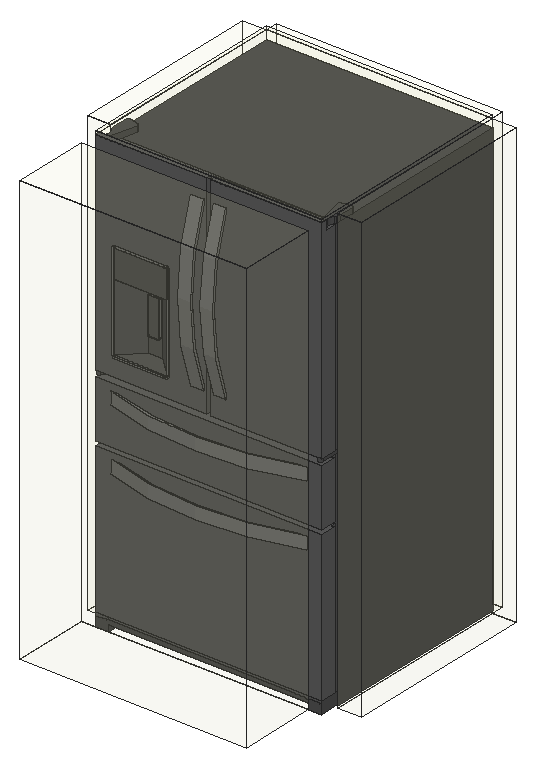
Revit family "WRX986SIHV_036c_Refrigeration_French_Door", category Specialty Equipment, Revit 2026
Family settings
  Round Connector Dimension = Use Diameter
  Part Type = Normal
  Work Plane-Based = No
  Enable Cutting in Views = No
  Always vertical = Yes
  Cut with Voids When Loaded = No
  Maintain Annotation Orientation = No
  Shared = No
  Room Calculation Point = No
Parameters (values of type "WRX986SIHV")
  Width = 35 3/4"
  Warranty Duration (Years) = "One year limited"
  Voltage = 120 V
  URL = "https://www.whirlpool.com/kitchen/refrigeration/refrigerators/french-door/p.36-inch-wide-4-door-refrigerator-with-exterior-drawer-26-cu.-ft.wrx986sihz.html"
  Specification = ""
  SpecWizard = ""
  Show Clearance [instance] = yes
  Send Message = ""
  Sales Information = "https://www.whirlpool.com/kitchen/refrigeration/refrigerators/french-door/p.36-inch-wide-4-door-refrigerator-with-exterior-drawer-26-cu.-ft.wrx986sihz.html"
  Product Data = "https://www.whirlpool.com/content/dam/global/documents/201306/owners-manual-W10505281-RevA.pdf"
  Model = "WRX986SIHV"
  Manufacturer Website = ""
  Manufacturer Phone - Toll Free = ""
  Manufacturer Phone = ""
  Manufacturer Fax = ""
  Manufacturer Email = ""
  Manufacturer Address = ""
  Manufacturer = "Whirlpool"
  Maintenance Schedule (Months) = "NA"
  Leg Material = ARCAT - Plastic - Black
  Installation-Fabrication = "https://www.whirlpool.com/content/dam/global/documents/201709/InstallationInstructions-W10538548-RevA.pdf"
  Installation Phase = "NA"
  Height = 70 1/8"
  Handle Material = ARCAT - Metal - Steel - Gray
  HW size = 0"
  Family Name = "French Door Refrigerator"
  Expected Lifespan (Years) = "NA"
  Exhaust size = 0"
  Drawn By = ""
  Drain size = 0"
  Door Material = ARCAT - Metal - Steel - Black Stainless
  Display Panel Material = ARCAT - Glass - Black
  Description = "Whirlpool® 36-inch Wide 4-Door Refrigerator with Exterior Drawer - 26 cu. ft."
  Depth = 36 3/8"
  Default Elevation = 0"
  Copyright = ""
  Clearance Material = ARCAT - Clearance
  CW size = 0"
  Body Material = ARCAT - Metal - Steel - Black
  Apparent Load = 0 VA
  Amps = 15 A
  Accent Material = ARCAT - Metal - Aluminum
Reference planes (in)
  plane 1 "Center (Front/Back)": y = 0
  plane 2: z = 0
  plane 3 "Center (Left/Right)": x = 0
  plane 4: z = 0
  plane 5: y = -38.375
  plane 6: z = 70.125
  plane 7: y = -2
  plane 8: x = -17.875
  plane 9: x = 17.875
Forms (in)
  Extrusion 1, solid, material "ARCAT - Metal - Steel - Black" <- "Body Material"
    sketch origin (0, -2, 0) x (1, 0, 0) y (0, 1, 0)
      loop
        line (-17.875, -0.0625) -> (-17.875, -30.625) -> (17.875, -30.625) -> (17.875, -0.0625) -> (-17.875, -0.0625)
    from 0.5 to 68.75
  Extrusion 2, solid, material "ARCAT - Metal - Steel - Black Stainless" <- "Door Material"
    sketch origin (0, -5.25, 0) x (1, 0, 0) y (0, 1, 0)
      loop
        line (-17.875, -30.5) -> (17.875, -30.5) -> (17.875, -27.875) -> (17.375, -27.875) -> (17.375, -27.375) -> (-17.375, -27.375) -> (-17.375, -27.875) -> (-17.875, -27.875) -> (-17.875, -30.5)
    from 2.5 to 26
  Extrusion 3, solid, material "ARCAT - Metal - Steel - Black Stainless" <- "Door Material"
    sketch origin (0, -5.25, 24.5) x (1, 0, 0) y (0, 1, 0)
      loop
        line (-17.875, -30.5) -> (-0.3125, -30.5) -> (-0.3125, -27.375) -> (-17.375, -27.375) -> (-17.375, -27.875) -> (-17.875, -27.875) -> (-17.875, -30.5)
    from 12.25 to 44.25
  Extrusion 4, solid, material "ARCAT - Metal - Steel - Black Stainless" <- "Door Material"
    sketch origin (0, -5.25, -1.75) x (1, 0, 0) y (0, 1, 0)
      loop
        line (-17.875, -30.5) -> (-0.3125, -30.5) -> (-0.3125, -29.75) -> (-17.875, -29.75) -> (-17.875, -30.5)
    from 70.5 to 71.875
  Extrusion 5, solid, material "ARCAT - Metal - Steel - Black Stainless" <- "Door Material"
    sketch origin (0, -5.25, 7) x (1, 0, 0) y (0, 1, 0)
      loop
        line (-17.875, -30.5) -> (17.875, -30.5) -> (17.875, -27.875) -> (17.375, -27.875) -> (17.375, -27.375) -> (-17.375, -27.375) -> (-17.375, -27.875) -> (-17.875, -27.875) -> (-17.875, -30.5)
    from 19.75 to 28.75
  Extrusion 6, solid, material "ARCAT - Metal - Steel - Gray" <- "Handle Material"
    sketch origin (0, -5.25, 1) x (1, 0, 0) y (0, 1, 0)
      loop
        arc (-15.4375, -30.5) -> (0, -33.125) -> (15.4375, -30.5) r 46.7061
        line (15.4375, -30.5) -> (14.66376, -30.5)
        arc (14.66376, -30.5) -> (0, -32.875) -> (-14.66376, -30.5) r 46.4561
        line (-14.66376, -30.5) -> (-15.4375, -30.5)
    from 22 to 24
  Extrusion 7, solid, material "ARCAT - Metal - Steel - Gray" <- "Handle Material"
    sketch origin (0, -5.25, 10.75) x (1, 0, 0) y (0, 1, 0)
      loop
        arc (-15.4375, -30.5) -> (0, -33.125) -> (15.4375, -30.5) r 46.7061
        line (15.4375, -30.5) -> (14.66376, -30.5)
        arc (14.66376, -30.5) -> (0, -32.875) -> (-14.66376, -30.5) r 46.4561
        line (-14.66376, -30.5) -> (-15.4375, -30.5)
    from 22 to 24
  Extrusion 8, solid, material "ARCAT - Clearance" <- "Clearance Material", visible <- "Show Clearance", detail levels medium+fine
    sketch origin (63.95747, -185.25, 70.125) x (-1, 0, 0) y (0, -1, 0)
      loop
        line (46.08247, -146.875) -> (81.83247, -146.875) -> (81.83247, -134.625) -> (46.08247, -134.625) -> (46.08247, -146.875)
    from 0 to -67.78726
  Extrusion 9, solid, material "ARCAT - Glass - Black" <- "Display Panel Material"
    sketch origin (-18.27019, -35.75, 73.875) x (1, 0, 0) y (0, 0, 1)
      loop
        line (3.26484, -23.22021) -> (11.76484, -23.22021) -> (11.76484, -18.92738)
        arc (11.76484, -18.92738) -> (11.69162, -18.7506) -> (11.51484, -18.67738) r 0.25
        line (11.51484, -18.67738) -> (3.51484, -18.67738)
        arc (3.51484, -18.67738) -> (3.33807, -18.7506) -> (3.26484, -18.92738) r 0.25
        line (3.26484, -18.92738) -> (3.26484, -23.22021)
    from 0 to 0.03125
  Extrusion 10, solid, material "ARCAT - Glass - Black" <- "Display Panel Material"
    sketch origin (-6.49239, -32.74497, 40.92851) x (-1, 0, 0) y (0, 0, -1)
      loop
        arc (5.01296, -7.57149) -> (5.18974, -7.49827) -> (5.26296, -7.32149) r 0.25
        line (5.26296, -7.32149) -> (5.26296, -1.86879)
        arc (5.26296, -1.86879) -> (5.18974, -1.69201) -> (5.01296, -1.61879) r 0.25
        line (5.01296, -1.61879) -> (3.76296, -1.61879)
        arc (3.76296, -1.61879) -> (3.58618, -1.69201) -> (3.51296, -1.86879) r 0.25
        line (3.51296, -1.86879) -> (3.51296, -7.32149)
        arc (3.51296, -7.32149) -> (3.58618, -7.49827) -> (3.76296, -7.57149) r 0.25
        line (3.76296, -7.57149) -> (5.01296, -7.57149)
      loop
        arc (5.01296, -7.63399) -> (5.23393, -7.54246) -> (5.32546, -7.32149) r 0.3125
        line (5.32546, -7.32149) -> (5.32546, -1.86879)
        arc (5.32546, -1.86879) -> (5.23393, -1.64782) -> (5.01296, -1.55629) r 0.3125
        line (5.01296, -1.55629) -> (3.76296, -1.55629)
        arc (3.76296, -1.55629) -> (3.54199, -1.64782) -> (3.45046, -1.86879) r 0.3125
        line (3.45046, -1.86879) -> (3.45046, -7.32149)
        arc (3.45046, -7.32149) -> (3.54199, -7.54246) -> (3.76296, -7.63399) r 0.3125
        line (3.76296, -7.63399) -> (5.01296, -7.63399)
    from 0 to 0.25
  Extrusion 11, solid, material "ARCAT - Clearance" <- "Clearance Material", visible <- "Show Clearance", detail levels medium+fine
    sketch origin (-28.44169, -182, 0) x (-1, 0, 0) y (0, -1, 0)
      loop
        line (-6.81669, -149.375) -> (-10.56669, -149.375) -> (-10.56669, -180) -> (-6.81669, -180) -> (-6.81669, -149.375)
      loop
        line (-50.06669, -149.375) -> (-50.06669, -180) -> (-46.31669, -180) -> (-46.31669, -149.375) -> (-50.06669, -149.375)
    from 0 to 70.125
  Extrusion 12, solid, material "ARCAT - Clearance" <- "Clearance Material", visible <- "Show Clearance", detail levels medium+fine
    sketch origin (-24.53544, -148.5, 0) x (-1, 0, 0) y (0, -1, 0)
      loop
        line (-6.66044, -148.5) -> (-6.66044, -146.5) -> (-42.41044, -146.5) -> (-42.41044, -148.5) -> (-6.66044, -148.5)
    from 0 to 70.125
  Extrusion 13, solid, material "ARCAT - Metal - Steel - Black" <- "Body Material"
    sketch origin (0.09525, -6.35947, 68.625) x (1, 0, 0) y (0, 1, 0)
      loop
        arc (-17.57604, -23.02342) -> (-17.81669, -23.07593) -> (-17.92427, -23.2975) r 0.28197
        line (-17.92427, -23.2975) -> (-17.92427, -25.55011)
        arc (-17.92427, -25.55011) -> (-17.89972, -25.90746) -> (-17.82653, -26.2581) r 2.61317
        arc (-17.82653, -26.2581) -> (-17.76316, -26.41383) -> (-17.66675, -26.55158) r 0.75155
        arc (-17.66675, -26.55158) -> (-17.38406, -27.22276) -> (-17.56393, -27.92848) r 1.14347
        arc (-17.56393, -27.92848) -> (-17.40044, -28.50436) -> (-16.85056, -28.26774) r 0.39831
        line (-16.85056, -28.26774) -> (-15.88265, -23.71407)
        arc (-15.88265, -23.71407) -> (-15.91977, -23.5057) -> (-16.09167, -23.38222) r 0.28125
        line (-16.09167, -23.38222) -> (-17.57604, -23.02342)
    from 0.125 to 1
  Extrusion 14, solid, material "ARCAT - Metal - Steel - Black" <- "Body Material"
    sketch origin (-0.09525, -6.35947, 68.625) x (-1, 0, 0) y (0, -1, 0)
      loop
        line (-17.57604, 23.02342) -> (-16.09167, 23.38222)
        arc (-16.09167, 23.38222) -> (-15.91977, 23.5057) -> (-15.88265, 23.71407) r 0.28125
        line (-15.88265, 23.71407) -> (-16.85056, 28.26774)
        arc (-16.85056, 28.26774) -> (-17.40044, 28.50436) -> (-17.56393, 27.92848) r 0.39831
        arc (-17.56393, 27.92848) -> (-17.38406, 27.22276) -> (-17.66675, 26.55158) r 1.14347
        arc (-17.66675, 26.55158) -> (-17.76316, 26.41383) -> (-17.82653, 26.2581) r 0.75155
        arc (-17.82653, 26.2581) -> (-17.89972, 25.90746) -> (-17.92427, 25.55011) r 2.61317
        line (-17.92427, 25.55011) -> (-17.92427, 23.2975)
        arc (-17.92427, 23.2975) -> (-17.81669, 23.07593) -> (-17.57604, 23.02342) r 0.28197
    from 0.125 to 1
  Extrusion 15, solid, material "ARCAT - Metal - Steel - Gray" <- "Handle Material"
    sketch origin (0.08523, -5.25, 0) x (0, 1, 0) y (0, 0, -1)
      loop
        line (-30.5, -67) -> (-30.5, -66.31498)
        arc (-30.5, -66.31498) -> (-32.875, -53.4375) -> (-30.5, -40.56002) r 36.0989
        line (-30.5, -40.56002) -> (-30.5, -39.875)
        arc (-30.5, -39.875) -> (-33.125, -53.4375) -> (-30.5, -67) r 36.3489
    from 0.83523 to 2.83523
  Extrusion 16, solid, material "ARCAT - Metal - Steel - Gray" <- "Handle Material"
    sketch origin (-0.08523, -5.25, 0) x (0, 1, 0) y (0, 0, 1)
      loop
        arc (-30.5, 67) -> (-33.125, 53.4375) -> (-30.5, 39.875) r 36.3489
        line (-30.5, 39.875) -> (-30.5, 40.56002)
        arc (-30.5, 40.56002) -> (-32.875, 53.4375) -> (-30.5, 66.31498) r 36.0989
        line (-30.5, 66.31498) -> (-30.5, 67)
    from 0.83523 to 2.83523
  Extrusion 17, solid, material "ARCAT - Metal - Steel - Black" <- "Body Material"
    sketch origin (0.09525, -6.35947, 35.75) x (1, 0, 0) y (0, 1, 0)
      loop
        line (-17.92427, -26.26553) -> (-17.92427, -29.03385)
        arc (-17.92427, -29.03385) -> (-17.62089, -29.37958) -> (-17.19383, -29.20875) r 0.39831
        line (-17.19383, -29.20875) -> (-16.30343, -27.83409)
        arc (-16.30343, -27.83409) -> (-16.31516, -27.59438) -> (-16.54617, -27.5293) r 0.20547
        line (-16.54617, -27.5293) -> (-16.73726, -27.59885)
        arc (-16.73726, -27.59885) -> (-16.98627, -27.51433) -> (-16.95764, -27.25292) r 0.21007
        line (-16.95764, -27.25292) -> (-15.97025, -26.26553) -> (-17.92427, -26.26553)
    from 0.5 to 1
  Extrusion 18, solid, material "ARCAT - Metal - Steel - Black" <- "Body Material"
    sketch origin (-0.09525, -6.35947, 35.75) x (-1, 0, 0) y (0, -1, 0)
      loop
        line (-17.92427, 26.26553) -> (-15.97025, 26.26553) -> (-16.95764, 27.25292)
        arc (-16.95764, 27.25292) -> (-16.98627, 27.51433) -> (-16.73726, 27.59885) r 0.21007
        line (-16.73726, 27.59885) -> (-16.54617, 27.5293)
        arc (-16.54617, 27.5293) -> (-16.31516, 27.59438) -> (-16.30343, 27.83409) r 0.20547
        line (-16.30343, 27.83409) -> (-17.19383, 29.20875)
        arc (-17.19383, 29.20875) -> (-17.62089, 29.37958) -> (-17.92427, 29.03385) r 0.39831
        line (-17.92427, 29.03385) -> (-17.92427, 26.26553)
    from 0.5 to 1
  Extrusion 19, solid, material "ARCAT - Metal - Steel - Black Stainless" <- "Door Material"
    sketch origin (0, -5.25, 24.5) x (1, 0, 0) y (0, 1, 0)
      loop
        line (17.375, -27.375) -> (0.3125, -27.375) -> (0.3125, -30.5) -> (17.875, -30.5) -> (17.875, -27.875) -> (17.375, -27.875) -> (17.375, -27.375)
    from 12.25 to 44.25
  Extrusion 20, solid, material "ARCAT - Metal - Steel - Black Stainless" <- "Door Material"
    sketch origin (0, -5.25, -1.75) x (1, 0, 0) y (0, 1, 0)
      loop
        line (17.875, -29.75) -> (0.3125, -29.75) -> (0.3125, -30.5) -> (17.875, -30.5) -> (17.875, -29.75)
    from 70.5 to 71.875
  Extrusion 21, solid, material "ARCAT - Metal - Steel - Black" <- "Body Material"
    sketch origin (-0.4375, -2, 0.5) x (0, 1, 0) y (0, 0, -1)
      loop
        line (-30.625, 0) -> (-33.75, 0) -> (-33.75, -1.58774)
        arc (-33.75, -1.58774) -> (-33.67678, -1.76452) -> (-33.5, -1.83774) r 0.25
        line (-33.5, -1.83774) -> (-30.625, -1.83774) -> (-30.625, 0)
    from 15.375 to 17.375
  Extrusion 22, solid, material "ARCAT - Metal - Steel - Black" <- "Body Material"
    sketch origin (0.4375, -2, 0.5) x (0, 1, 0) y (0, 0, 1)
      loop
        line (-30.625, 0) -> (-30.625, 1.83774) -> (-33.5, 1.83774)
        arc (-33.5, 1.83774) -> (-33.67678, 1.76452) -> (-33.75, 1.58774) r 0.25
        line (-33.75, 1.58774) -> (-33.75, 0) -> (-30.625, 0)
    from 15.375 to 17.375
  Extrusion 23, solid, material "ARCAT - Plastic - Black" <- "Leg Material"
    sketch origin (0.86988, -6.10142, 0.5) x (1, 0, 0) y (0, -1, 0)
      loop
        circle (-16.24488, 24.02358) r 0.75
    from 0 to 0.5
  Extrusion 24, solid, material "ARCAT - Plastic - Black" <- "Leg Material"
    sketch origin (-0.86988, -6.10142, 0.5) x (1, 0, 0) y (0, -1, 0)
      loop
        circle (16.24488, 24.02358) r 0.75
    from 0 to 0.5
  Extrusion 25, solid, material "ARCAT - Plastic - Black" <- "Leg Material"
    sketch origin (0.86988, 13.64858, 0.5) x (1, 0, 0) y (0, -1, 0)
      loop
        circle (-16.24488, 22.39858) r 0.75
    from 0 to 0.5
  Extrusion 26, solid, material "ARCAT - Plastic - Black" <- "Leg Material"
    sketch origin (-0.86988, 13.64858, 0.5) x (1, 0, 0) y (0, -1, 0)
      loop
        circle (16.24488, 22.39858) r 0.75
    from 0 to 0.5
  Extrusion 27, solid, material "ARCAT - Glass - Black" <- "Display Panel Material"
    sketch origin (-6.49239, -32.74497, 40.92851) x (-1, 0, 0) y (0, 0, -1)
      loop
        arc (5.01296, -7.57149) -> (5.18974, -7.49827) -> (5.26296, -7.32149) r 0.25
        line (5.26296, -7.32149) -> (5.26296, -1.86879)
        arc (5.26296, -1.86879) -> (5.18974, -1.69201) -> (5.01296, -1.61879) r 0.25
        line (5.01296, -1.61879) -> (3.76296, -1.61879)
        arc (3.76296, -1.61879) -> (3.58618, -1.69201) -> (3.51296, -1.86879) r 0.25
        line (3.51296, -1.86879) -> (3.51296, -7.32149)
        arc (3.51296, -7.32149) -> (3.58618, -7.49827) -> (3.76296, -7.57149) r 0.25
        line (3.76296, -7.57149) -> (5.01296, -7.57149)
    from 0 to 0.25
  Extrusion 28, solid, material "ARCAT - Metal - Steel - Black" <- "Body Material"
    sketch origin (-28.90625, -30.875, 47.85564) x (-1, 0, 0) y (0, 0, 1)
      loop
        line (-13.09375, -47.35564) -> (-13.09375, -46.35564) -> (-44.71875, -46.35564) -> (-44.71875, -47.35564) -> (-13.09375, -47.35564)
    from -3.5 to -1.75
  Extrusion 29, solid, material "ARCAT - Metal - Steel - Black" <- "Body Material"
    sketch origin (-17.875, -2.0625, 0) x (1, 0, 0) y (0, 0, -1)
      loop
        line (35.75, -68.75) -> (35.75, -10.5) -> (34.75, -10.5) -> (34.75, -67.75) -> (1, -67.75) -> (1, -10.5) -> (0, -10.5) -> (0, -68.75) -> (35.75, -68.75)
    from 0 to 0.0625
  Extrusion 30, solid, material "ARCAT - Metal - Aluminum" <- "Accent Material"
    sketch origin (-17.875, -2.0625, 0) x (-1, 0, 0) y (0, 0, -1)
      loop
        line (-34.75, -67.75) -> (-1, -67.75) -> (-1, -11.5) -> (-2.5, -11.5) -> (-2.5, -10.5) -> (-2.75, -10.5) -> (-2.75, -8.5) -> (-1.5, -8.5) -> (-1.5, -7.50838) -> (-3.52777, -7.50838) -> (-3.52777, -8.5) -> (-3.25, -8.5) -> (-3.25, -10.5) -> (-4.5, -10.5) -> (-4.5, -11.5) -> (-34.75, -11.5) -> (-34.75, -67.75)
    from 0 to -0.03125
  Extrusion 31, solid, material "ARCAT - Metal - Aluminum" <- "Accent Material"
    sketch origin (-19.07834, -2.03125, 20.04531) x (1, 0, 0) y (0, 0, -1)
      loop
        line (31.00023, -44.93304) -> (31.00023, -43.27425) -> (28.35816, -43.27425) -> (28.35816, -44.93304) -> (31.00023, -44.93304)
    from 0 to 0.125
  Extrusion 32, solid, material "ARCAT - Metal - Aluminum" <- "Accent Material"
    sketch origin (-24.87983, -2.03125, 13.34965) x (1, 0, 0) y (0, 0, -1)
      loop
        circle (29.51237, -44.07788) r 0.5
    from 0 to 0.125
  Extrusion 33, solid, material "ARCAT - Metal - Aluminum" <- "Accent Material"
    sketch origin (-12.79574, -2.03125, -28.40813) x (1, 0, 0) y (0, 0, -1)
      loop
        circle (16.55329, -46.47095) r 0.5
    from 0 to 0.125
  Extrusion 34, solid, material "ARCAT - Metal - Aluminum" <- "Accent Material"
    sketch origin (-12.02265, -1.8125, 0.31025) x (1, 0, 0) y (0, 0, -1)
      loop
        circle (27.1746, -11.70577) r 0.5
    from 0 to 0.03125
  Extrusion 35, solid, material "ARCAT - Metal - Steel - Black" <- "Body Material"
    sketch origin (-18.875, -2.03125, 20.51597) x (1, 0, 0) y (0, 0, -1)
      loop
        line (1, 19.01597) -> (1, 10.01597) -> (2, 10.01597) -> (2, 9.01597) -> (3.5, 9.01597) -> (3.5, 10.01597) -> (3.75, 10.01597) -> (3.75, 12.01597) -> (2.5, 12.01597) -> (2.5, 13.00759) -> (4.52777, 13.00759) -> (4.52777, 12.01597) -> (4.25, 12.01597) -> (4.25, 10.01597) -> (5.5, 10.01597) -> (5.5, 9.01597) -> (35.75, 9.01597) -> (35.75, 10.01597) -> (36.75, 10.01597) -> (36.75, 19.01597) -> (1, 19.01597)
    from -0.03125 to 0
  Extrusion 36, solid, material "ARCAT - Metal - Steel - Black" <- "Body Material"
    sketch origin (-17.875, -2.0625, 0) x (1, 0, 0) y (0, 0, -1)
      loop
        line (35.75, -1.5) -> (35.75, -0.5) -> (0, -0.5) -> (0, -1.5) -> (35.75, -1.5)
    from 0 to 0.0625
  Blend 37, solid, material "ARCAT - Metal - Aluminum" <- "Accent Material"
    base sketch origin (-17.875, -2.03125, 1.75) x (1, 0, 0) y (0, 0, -1)
      loop
        line (34.4875, -39.26265) -> (34.4875, -28.01265)
        arc (34.4875, -28.01265) -> (34.04816, -26.95199) -> (32.9875, -26.51265) r 1.5
        line (32.9875, -26.51265) -> (25.57375, -26.51265)
        arc (25.57375, -26.51265) -> (24.51309, -26.95199) -> (24.07375, -28.01265) r 1.5
        line (24.07375, -28.01265) -> (24.07375, -39.26265)
        arc (24.07375, -39.26265) -> (24.51309, -40.32331) -> (25.57375, -40.76265) r 1.5
        line (25.57375, -40.76265) -> (32.9875, -40.76265)
        arc (32.9875, -40.76265) -> (34.04816, -40.32331) -> (34.4875, -39.26265) r 1.5
    top sketch origin (-17.875, -2.03125, 1.75) x (1, 0, 0) y (0, 0, -1)
      loop
        arc (32.9875, -40.01265) -> (33.51783, -39.79298) -> (33.7375, -39.26265) r 0.75
        line (33.7375, -39.26265) -> (33.7375, -28.01265)
        arc (33.7375, -28.01265) -> (33.51783, -27.48232) -> (32.9875, -27.26265) r 0.75
        line (32.9875, -27.26265) -> (25.57375, -27.26265)
        arc (25.57375, -27.26265) -> (25.04342, -27.48232) -> (24.82375, -28.01265) r 0.75
        line (24.82375, -28.01265) -> (24.82375, -39.26265)
        arc (24.82375, -39.26265) -> (25.04342, -39.79298) -> (25.57375, -40.01265) r 0.75
        line (25.57375, -40.01265) -> (32.9875, -40.01265)
    from 0 to 0.03125
  Blend 38, void
    base sketch origin (-17.875, -35.75, 23) x (-1, 0, 0) y (0, 0, 1)
      loop
        line (-2.86965, 27.65479) -> (-11.36965, 27.65479) -> (-11.36965, 17)
        arc (-11.36965, 17) -> (-11.29643, 16.82322) -> (-11.11965, 16.75) r 0.25
        line (-11.11965, 16.75) -> (-3.11965, 16.75)
        arc (-3.11965, 16.75) -> (-2.94288, 16.82322) -> (-2.86965, 17) r 0.25
        line (-2.86965, 17) -> (-2.86965, 27.65479)
    top sketch origin (-17.875, -35.75, 23) x (1, 0, 0) y (0, 0, 1)
      loop
        line (5.86965, 25.75) -> (5.86965, 16.75) -> (8.11965, 16.75) -> (8.11965, 25.75) -> (5.86965, 25.75)
    from 0 to 3.00503
  Extrusion 39, solid, material "ARCAT - Glass - Black" <- "Display Panel Material"
    sketch origin (-17.875, -35.75, 23) x (1, 0, 0) y (0, 0, 1)
      loop
        line (3.11965, 16.75) -> (11.11965, 16.75)
        arc (11.11965, 16.75) -> (11.29643, 16.82322) -> (11.36965, 17) r 0.25
        line (11.36965, 17) -> (11.36965, 31.94762)
        arc (11.36965, 31.94762) -> (11.29643, 32.1244) -> (11.11965, 32.19762) r 0.25
        line (11.11965, 32.19762) -> (3.11965, 32.19762)
        arc (3.11965, 32.19762) -> (2.94288, 32.1244) -> (2.86965, 31.94762) r 0.25
        line (2.86965, 31.94762) -> (2.86965, 17)
        arc (2.86965, 17) -> (2.94288, 16.82322) -> (3.11965, 16.75) r 0.25
      loop
        arc (2.61965, 17) -> (2.7661, 16.64645) -> (3.11965, 16.5) r 0.5
        line (3.11965, 16.5) -> (11.11965, 16.5)
        arc (11.11965, 16.5) -> (11.47321, 16.64645) -> (11.61965, 17) r 0.5
        line (11.61965, 17) -> (11.61965, 31.94762)
        arc (11.61965, 31.94762) -> (11.47321, 32.30118) -> (11.11965, 32.44762) r 0.5
        line (11.11965, 32.44762) -> (3.11965, 32.44762)
        arc (3.11965, 32.44762) -> (2.7661, 32.30118) -> (2.61965, 31.94762) r 0.5
        line (2.61965, 31.94762) -> (2.61965, 17)
    from 0 to 0.03125
  SweptBlend 40, solid, material "ARCAT - Glass - Black" <- "Display Panel Material"
    path origin (-10.75535, -35.75, 39.75) x (0, 1, 0) y (-1, 0, 0)
      loop
        line (-0.03125, 0.125) -> (3.00503, 0.125)
    profile origin (-10.88035, -35.78125, 39.75) x (-1, 0, 0) y (0, 0, 1)
      loop
        arc (-4.375, 0.25) -> (-4.30178, 0.07322) -> (-4.125, 0) r 0.25
        line (-4.125, 0) -> (3.875, 0)
        arc (3.875, 0) -> (4.05178, 0.07322) -> (4.125, 0.25) r 0.25
        line (4.125, 0.25) -> (-4.375, 0.25)
    end profile origin (-10.88035, -32.74497, 39.75) x (-1, 0, 0) y (0, 0, 1)
      loop
        line (1.125, 0.25) -> (-1.125, 0.25)
        arc (-1.125, 0.25) -> (-1.05178, 0.07322) -> (-0.875, 0) r 0.25
        line (-0.875, 0) -> (0.875, 0)
        arc (0.875, 0) -> (1.05178, 0.07322) -> (1.125, 0.25) r 0.25
  Extrusion 41, solid, material "ARCAT - Clearance" <- "Clearance Material", visible <- "Show Clearance", detail levels medium+fine
    sketch origin (63.95747, -185.25, 137.91226) x (-1, 0, 0) y (0, -1, 0)
      loop
        line (46.08247, -149.5) -> (46.08247, -183.25) -> (81.83247, -183.25) -> (81.83247, -149.5) -> (46.08247, -149.5)
    from -67.28726 to -67.78726
  Extrusion 42, solid, material "ARCAT - Metal - Steel - Black" <- "Body Material"
    sketch origin (-15.8125, -2, 0.5) x (0, -1, 0) y (0, 0, -1)
      loop
        arc (33.5, -1.83774) -> (33.67678, -1.76452) -> (33.75, -1.58774) r 0.25
        line (33.75, -1.58774) -> (33.75, -1) -> (30.625, -1) -> (30.625, -1.83774) -> (33.5, -1.83774)
    from 0 to 31.625
Cuts and joins
  Blend 38 cuts Extrusion 3
  joined: Extrusion 3, Extrusion 4
  joined: Extrusion 19, Extrusion 20
  joined: Extrusion 21, Extrusion 22, Extrusion 42
  Blend 38 cuts Extrusion 1
  Blend 38 cuts Extrusion 29
  Blend 38 cuts Extrusion 36
  joined: Extrusion 1, Extrusion 29, Extrusion 36
Lines and regions (in)
  Split face 1
    outline origin (-18.27019, -35.78125, 73.875) x (1, 0, 0) y (0, 0, 1)
      loop
        line (3.26484, -22.97802) -> (11.76484, -22.97802)
  symbolic lines, style "SpecialityEquipment"
    curve 1: line (-17.875, -2, 71.875) -> (17.875, -2, 71.875)
    curve 2: line (-17.875, -35.75, 71.875) -> (-17.875, -2, 71.875)
    curve 3: line (17.875, -35.75, 71.875) -> (-17.875, -35.75, 71.875)
    curve 4: line (17.875, -2, 71.875) -> (17.875, -35.75, 71.875)
    curve 41: line (-2.75, -38.375, 10.98444) -> (-2.75, -35.75, 10.98444)
    curve 42: line (-0.75, -35.75, 10.98444) -> (-0.75, -38.375, 10.98444)
    curve 43: line (-2.75, -38.375, 10.98444) -> (-0.75, -38.375, 10.98444)
    curve 44: line (0.75, -38.375, 10.98444) -> (0.75, -35.75, 10.98444)
    curve 45: line (2.75, -35.75, 10.98444) -> (2.75, -38.375, 10.98444)
    curve 46: line (0.75, -38.375, 10.98444) -> (2.75, -38.375, 10.98444)
    curve 47: arc (-15.4375, -35.75, 10.98444) -> (-9.18228, -37.4635, 10.98444) -> (-2.75, -38.29397, 10.98444) r 46.7061
    curve 48: arc (14.66376, -35.75, 10.98444) -> (8.78207, -37.28737, 10.98444) -> (2.75, -38.04353, 10.98444) r 46.4561
  model lines
    curve 5: line (-13.45061, -2.03125, 5.14884) -> (-13.45061, -2.03125, 2.14884)
    curve 6: line (-13.45061, -2.03125, 5.14884) -> (-15.45061, -2.03125, 5.14884)
    curve 7: line (-15.45061, -2.03125, 5.14884) -> (-15.45061, -2.03125, 2.14884)
    curve 8: line (-13.45061, -2.03125, 2.14884) -> (-15.45061, -2.03125, 2.14884)
    curve 9: line (-12.45061, -2.03125, 10.14884) -> (-12.45061, -2.03125, 2.14884)
    curve 10: line (-9.95061, -2.03125, 10.14884) -> (-9.95061, -2.03125, 2.14884)
    curve 11: line (-8.95061, -2.03125, 9.14884) -> (-8.95061, -2.03125, 2.14884)
    curve 12: line (-6.45061, -2.03125, 9.14884) -> (-6.45061, -2.03125, 2.14884)
    curve 13: line (-9.95061, -2.03125, 2.14884) -> (-12.45061, -2.03125, 2.14884)
    curve 14: line (-9.95061, -2.03125, 10.14884) -> (-12.45061, -2.03125, 10.14884)
    curve 15: line (-6.45061, -2.03125, 2.14884) -> (-8.95061, -2.03125, 2.14884)
    curve 16: line (-6.45061, -2.03125, 9.14884) -> (-8.95061, -2.03125, 9.14884)
  model lines, style "Knob"
    curve 17: line (-13.83347, -35.78125, 51.64698) -> (-12.83347, -35.78125, 51.64698)
    curve 18: line (-13.83347, -35.78125, 51.39698) -> (-13.83347, -35.78125, 51.64698)
    curve 19: line (-7.67722, -35.78125, 51.39698) -> (-8.67722, -35.78125, 51.39698)
    curve 20: line (-12.83347, -35.78125, 51.39698) -> (-12.83347, -35.78125, 51.64698)
    curve 21: line (-12.80222, -35.78125, 51.39698) -> (-12.80222, -35.78125, 51.64698)
    curve 22: line (-11.80222, -35.78125, 51.39698) -> (-11.80222, -35.78125, 51.64698)
    curve 23: line (-11.77097, -35.78125, 51.39698) -> (-11.77097, -35.78125, 51.64698)
    curve 24: line (-10.77097, -35.78125, 51.39698) -> (-10.77097, -35.78125, 51.64698)
    curve 25: line (-10.73972, -35.78125, 51.39698) -> (-10.73972, -35.78125, 51.64698)
    curve 26: line (-9.73972, -35.78125, 51.39698) -> (-9.73972, -35.78125, 51.64698)
    curve 27: line (-9.70847, -35.78125, 51.39698) -> (-9.70847, -35.78125, 51.64698)
    curve 28: line (-8.70847, -35.78125, 51.39698) -> (-8.70847, -35.78125, 51.64698)
    curve 29: line (-8.67722, -35.78125, 51.39698) -> (-8.67722, -35.78125, 51.64698)
    curve 30: line (-7.67722, -35.78125, 51.39698) -> (-7.67722, -35.78125, 51.64698)
    curve 31: line (-12.80222, -35.78125, 51.64698) -> (-11.80222, -35.78125, 51.64698)
    curve 32: line (-12.83347, -35.78125, 51.39698) -> (-13.83347, -35.78125, 51.39698)
    curve 33: line (-11.77097, -35.78125, 51.64698) -> (-10.77097, -35.78125, 51.64698)
    curve 34: line (-11.80222, -35.78125, 51.39698) -> (-12.80222, -35.78125, 51.39698)
    curve 35: line (-10.73972, -35.78125, 51.64698) -> (-9.73972, -35.78125, 51.64698)
    curve 36: line (-10.77097, -35.78125, 51.39698) -> (-11.77097, -35.78125, 51.39698)
    curve 37: line (-9.70847, -35.78125, 51.64698) -> (-8.70847, -35.78125, 51.64698)
    curve 38: line (-9.73972, -35.78125, 51.39698) -> (-10.73972, -35.78125, 51.39698)
    curve 39: line (-8.67722, -35.78125, 51.64698) -> (-7.67722, -35.78125, 51.64698)
    curve 40: line (-8.70847, -35.78125, 51.39698) -> (-9.70847, -35.78125, 51.39698)
  symbolic lines
    curve 49: arc (-2.75, -38.04353, 10.98444) -> (-8.78207, -37.28737, 10.98444) -> (-14.66376, -35.75, 10.98444) r 46.4561
    curve 50: arc (-0.75, -38.36898, 10.98444) -> (0, -38.375, 10.98444) -> (0.75, -38.36898, 10.98444) r 46.7061
    curve 51: arc (0.75, -38.11895, 10.98444) -> (0, -38.125, 10.98444) -> (-0.75, -38.11895, 10.98444) r 46.4561
    curve 52: arc (2.75, -38.29397, 10.98444) -> (9.18228, -37.4635, 10.98444) -> (15.4375, -35.75, 10.98444) r 46.7061
Dimensions and locks (in)
  equal spacing: plane 8, plane 3 "Center (Left/Right)", plane 9
  "Width": plane 8 to plane 9
  "Height": plane 6 to level
  "Depth": plane 5 to plane 7
  aligned and locked: plane 2 to level
Automatic sketch dimensions
  Extrusion 1 sketch curve to plane 8 = 0"
  Extrusion 1 sketch curve to plane 9 = 0"
  Extrusion 1 sketch curve to plane 5 = 5 3/4"
  Extrusion 1 sketch curve to plane 7 = 1/16"
  Extrusion 2 sketch curve to plane 8 = 0"
  Extrusion 2 sketch curve to plane 9 = 0"
  Extrusion 2 sketch curve to plane 8 = 1/2"
  plane 9 to Extrusion 2 sketch curve = 1/2"
  Extrusion 2 sketch curve to plane 5 = 2 5/8"
  Extrusion 2 sketch curve to Extrusion 2 sketch curve = 2 5/8"  (x2)
  Extrusion 2 sketch curve to Extrusion 2 sketch curve = 1/2"
  Extrusion 3 sketch curve to plane 8 = 0"
  Extrusion 3 sketch curve to Extrusion 3 sketch curve = 1/2"  (x2)
  Extrusion 3 sketch curve to plane 3 "Center (Left/Right)" = 5/16"
  Extrusion 3 sketch curve to plane 5 = 2 5/8"
  Extrusion 3 sketch curve to Extrusion 3 sketch curve = 2 5/8"
  Extrusion 4 sketch curve to plane 8 = 0"
  Extrusion 4 sketch curve to plane 3 "Center (Left/Right)" = 5/16"
  Extrusion 4 sketch curve to plane 5 = 2 5/8"
  Extrusion 4 sketch curve to Extrusion 4 sketch curve = 3/4"
  Extrusion 5 sketch curve to plane 8 = 0"
  Extrusion 5 sketch curve to plane 9 = 0"
  Extrusion 5 sketch curve to plane 8 = 1/2"
  plane 9 to Extrusion 5 sketch curve = 1/2"
  Extrusion 5 sketch curve to plane 5 = 2 5/8"
  Extrusion 5 sketch curve to Extrusion 5 sketch curve = 2 5/8"  (x2)
  Extrusion 5 sketch curve to Extrusion 5 sketch curve = 1/2"
  Extrusion 8 sketch curve to plane 9 = 0"
  Extrusion 8 sketch curve to plane 8 = 0"
  plane 5 to Extrusion 8 sketch curve = 0"
  Extrusion 8 sketch curve to Extrusion 8 sketch curve = 12 1/4"
  Extrusion 9 sketch curve to plane 8 = 2.86965"
  Extrusion 9 sketch curve to Extrusion 9 sketch curve = 1/4"  (x2)
  Extrusion 9 sketch curve to plane 3 "Center (Left/Right)" = 6.75535"
  plane 6 to Extrusion 9 sketch curve = 19.47021"
  Extrusion 9 sketch curve to Extrusion 9 sketch curve = 4.29283"
  Extrusion 10 sketch curve to Extrusion 10 sketch curve = 0"  (x8)
  Extrusion 10 sketch curve to plane 8 = 7.93215"
  Extrusion 10 sketch curve to Extrusion 10 sketch curve = 1/16"
  Extrusion 10 sketch curve to Extrusion 10 sketch curve = 1/4"  (x3)
  Extrusion 10 sketch curve to Extrusion 10 sketch curve = 1 1/4"  (x2)
  plane 6 to Extrusion 10 sketch curve = 21 9/16"
  Extrusion 10 sketch curve to Extrusion 10 sketch curve = 5.4527"
  Extrusion 11 sketch curve to plane 7 = 0"  (x2)
  Extrusion 11 sketch curve to plane 9 = 0"
  Extrusion 11 sketch curve to plane 8 = 0"
  Extrusion 11 sketch curve to plane 9 = 3 3/4"
  Extrusion 11 sketch curve to Extrusion 11 sketch curve = 3 3/4"
  Extrusion 11 sketch curve to plane 5 = 5 3/4"  (x2)
  plane 1 "Center (Front/Back)" to Extrusion 12 sketch curve = 0"
  Extrusion 12 sketch curve to plane 9 = 0"
  Extrusion 12 sketch curve to plane 7 = 0"
  Extrusion 12 sketch curve to plane 8 = 0"
  plane 8 to Extrusion 13 sketch curve = 0.55411"
  Extrusion 13 sketch curve to plane 8 = 0.04598"
  Extrusion 13 sketch curve to Extrusion 13 sketch curve = 0.28197"
  Extrusion 13 sketch curve to Extrusion 13 sketch curve = 0.06625"
  Extrusion 13 sketch curve to plane 8 = 0.74087"
  Extrusion 13 sketch curve to plane 8 = 0.86716"
  Extrusion 13 sketch curve to Extrusion 13 sketch curve = 0.37882"
  Extrusion 13 sketch curve to Extrusion 13 sketch curve = 1.48454"
  Extrusion 13 sketch curve to Extrusion 13 sketch curve = 0.06608"
  Extrusion 13 sketch curve to Extrusion 13 sketch curve = 0.2751"
  Extrusion 13 sketch curve to Extrusion 13 sketch curve = 1.792"
  Extrusion 13 sketch curve to plane 5 = 3.74779"
  Extrusion 13 sketch curve to Extrusion 13 sketch curve = 0.12309"
  Extrusion 13 sketch curve to Extrusion 13 sketch curve = 0.83673"
  Extrusion 13 sketch curve to Extrusion 13 sketch curve = 1.25344"
  Extrusion 13 sketch curve to Extrusion 13 sketch curve = 0.50437"
  Extrusion 13 sketch curve to Extrusion 13 sketch curve = 1.83603"
  Extrusion 13 sketch curve to Extrusion 13 sketch curve = 0.05848"
  Extrusion 13 sketch curve to Extrusion 13 sketch curve = 0.35809"
  Extrusion 13 sketch curve to Extrusion 13 sketch curve = 0"  (x2)
  Extrusion 14 sketch curve to plane 9 = 0.55411"
  plane 9 to Extrusion 14 sketch curve = 0.04598"
  Extrusion 14 sketch curve to Extrusion 14 sketch curve = 0.28197"
  Extrusion 14 sketch curve to Extrusion 14 sketch curve = 0.06625"
  plane 9 to Extrusion 14 sketch curve = 0.74087"
  plane 9 to Extrusion 14 sketch curve = 0.86716"
  Extrusion 14 sketch curve to Extrusion 14 sketch curve = 0.37882"
  Extrusion 14 sketch curve to Extrusion 14 sketch curve = 1.48454"
  Extrusion 14 sketch curve to Extrusion 14 sketch curve = 0.06608"
  Extrusion 14 sketch curve to Extrusion 14 sketch curve = 0.2751"
  Extrusion 14 sketch curve to Extrusion 14 sketch curve = 1.792"
  Extrusion 14 sketch curve to plane 5 = 8.99211"
  Extrusion 14 sketch curve to Extrusion 14 sketch curve = 0.3588"
  Extrusion 14 sketch curve to Extrusion 14 sketch curve = 0.27338"
  Extrusion 14 sketch curve to Extrusion 14 sketch curve = 1.83603"
  Extrusion 14 sketch curve to Extrusion 14 sketch curve = 0.50437"
  Extrusion 14 sketch curve to Extrusion 14 sketch curve = 1.04982"
  Extrusion 14 sketch curve to Extrusion 14 sketch curve = 0.83673"
  Extrusion 14 sketch curve to Extrusion 14 sketch curve = 0.12309"
  Extrusion 14 sketch curve to Extrusion 14 sketch curve = 0"  (x2)
  Extrusion 17 sketch curve to plane 8 = 0.04598"
  Extrusion 17 sketch curve to Extrusion 17 sketch curve = 0.39613"
  Extrusion 17 sketch curve to Extrusion 17 sketch curve = 0.33431"
  Extrusion 17 sketch curve to plane 8 = 1.01261"
  Extrusion 17 sketch curve to Extrusion 17 sketch curve = 0.14854"
  Extrusion 17 sketch curve to Extrusion 17 sketch curve = 0.07185"
  Extrusion 17 sketch curve to Extrusion 17 sketch curve = 0.19109"
  Extrusion 17 sketch curve to Extrusion 17 sketch curve = 0.07028"
  Extrusion 17 sketch curve to Extrusion 17 sketch curve = 0.17246"
  Extrusion 17 sketch curve to Extrusion 17 sketch curve = 0.57592"
  Extrusion 17 sketch curve to plane 5 = 2.80677"
  Extrusion 17 sketch curve to Extrusion 17 sketch curve = 0.1749"
  Extrusion 17 sketch curve to Extrusion 17 sketch curve = 1.37467"
  Extrusion 17 sketch curve to Extrusion 17 sketch curve = 0.1117"
  Extrusion 17 sketch curve to Extrusion 17 sketch curve = 0.06955"
  Extrusion 17 sketch curve to Extrusion 17 sketch curve = 0.1974"
  Extrusion 17 sketch curve to Extrusion 17 sketch curve = 0.98739"
  plane 9 to Extrusion 18 sketch curve = 0.04598"
  Extrusion 18 sketch curve to Extrusion 18 sketch curve = 0.39613"
  Extrusion 18 sketch curve to Extrusion 18 sketch curve = 0.33431"
  plane 9 to Extrusion 18 sketch curve = 1.01261"
  Extrusion 18 sketch curve to Extrusion 18 sketch curve = 0.14854"  (x2)
  Extrusion 18 sketch curve to Extrusion 18 sketch curve = 0.07185"
  Extrusion 18 sketch curve to Extrusion 18 sketch curve = 0.19109"
  Extrusion 18 sketch curve to Extrusion 18 sketch curve = 0.07028"
  Extrusion 18 sketch curve to Extrusion 18 sketch curve = 0.17246"
  Extrusion 18 sketch curve to Extrusion 18 sketch curve = 0.57592"
  Extrusion 18 sketch curve to plane 5 = 5 3/4"
  Extrusion 18 sketch curve to Extrusion 18 sketch curve = 0.98739"
  Extrusion 18 sketch curve to Extrusion 18 sketch curve = 0.06955"
  Extrusion 18 sketch curve to Extrusion 18 sketch curve = 0.19308"
  Extrusion 18 sketch curve to Extrusion 18 sketch curve = 1.39336"
  Extrusion 18 sketch curve to Extrusion 18 sketch curve = 0.04164"
  Extrusion 19 sketch curve to plane 9 = 0"
  plane 9 to Extrusion 19 sketch curve = 1/2"
  plane 3 "Center (Left/Right)" to Extrusion 19 sketch curve = 5/16"
  Extrusion 19 sketch curve to plane 5 = 2 5/8"
  Extrusion 19 sketch curve to Extrusion 19 sketch curve = 2 5/8"
  Extrusion 19 sketch curve to Extrusion 19 sketch curve = 1/2"
  Extrusion 20 sketch curve to plane 9 = 0"
  plane 3 "Center (Left/Right)" to Extrusion 20 sketch curve = 5/16"
  Extrusion 20 sketch curve to plane 5 = 2 5/8"
  Extrusion 20 sketch curve to Extrusion 20 sketch curve = 3/4"
  Extrusion 23 sketch curve to plane 8 = 2 1/2"
  Extrusion 23 sketch curve to plane 5 = 8 1/4"
  plane 9 to Extrusion 24 sketch curve = 2 1/2"
  Extrusion 24 sketch curve to plane 5 = 8 1/4"
  Extrusion 25 sketch curve to plane 8 = 2 1/2"
  Extrusion 25 sketch curve to plane 7 = 6 3/4"
  plane 9 to Extrusion 26 sketch curve = 2 1/2"
  Extrusion 26 sketch curve to plane 7 = 6 3/4"
  Extrusion 27 sketch curve to plane 8 = 7.86965"
  Extrusion 27 sketch curve to Extrusion 27 sketch curve = 1/4"  (x3)
  Extrusion 27 sketch curve to Extrusion 27 sketch curve = 1 1/4"  (x2)
  plane 6 to Extrusion 27 sketch curve = 21 5/8"
  Extrusion 27 sketch curve to Extrusion 27 sketch curve = 5.4527"
  level to Extrusion 28 sketch curve = 1/2"
  plane 9 to Extrusion 28 sketch curve = 2 1/16"
  Extrusion 28 sketch curve to plane 8 = 2 1/16"
  Extrusion 28 sketch curve to Extrusion 28 sketch curve = 1"
  plane 8 to Extrusion 29 sketch curve = 0"
  plane 9 to Extrusion 29 sketch curve = 0"
  Extrusion 29 sketch curve to plane 8 = 1"
  plane 9 to Extrusion 29 sketch curve = 1"
  plane 6 to Extrusion 29 sketch curve = 1 3/8"
  Extrusion 29 sketch curve to Extrusion 29 sketch curve = 1"
  level to Extrusion 29 sketch curve = 10 1/2"  (x2)
  Extrusion 30 sketch curve to Extrusion 29 = 0"  (x5)
  Extrusion 30 sketch curve to Extrusion 29 = 1"  (x2)
  Extrusion 29 to Extrusion 30 sketch curve = 3 1/2"
  Extrusion 29 to Extrusion 30 sketch curve = 1 1/2"
  Extrusion 31 sketch curve to Extrusion 30 = 2.77165"
  Extrusion 31 sketch curve to Extrusion 30 = 7.59517"
  Extrusion 31 sketch curve to Extrusion 31 sketch curve = 2.64207"
  Extrusion 31 sketch curve to Extrusion 31 sketch curve = 1.65879"
  Extrusion 32 sketch curve to Extrusion 30 = 12.24246"
  Extrusion 32 sketch curve to Extrusion 30 = 10.32247"
  Extrusion 33 sketch curve to Extrusion 30 = 13.11746"
  Extrusion 33 sketch curve to Extrusion 30 = 6.56282"
  plane 9 to Extrusion 34 sketch curve = 2.72305"
  level to Extrusion 34 sketch curve = 12.01601"
  plane 8 to Extrusion 35 sketch curve = 0"
  plane 9 to Extrusion 35 sketch curve = 0"
  Extrusion 35 sketch curve to Extrusion 35 sketch curve = 1"  (x5)
  Extrusion 35 sketch curve to plane 8 = 1 1/2"
  Extrusion 35 sketch curve to Extrusion 35 sketch curve = 1 1/2"
  Extrusion 35 sketch curve to Extrusion 35 sketch curve = 1/4"
  Extrusion 35 sketch curve to Extrusion 35 sketch curve = 1/2"
  Extrusion 35 sketch curve to Extrusion 35 sketch curve = 0.27777"
  Extrusion 35 sketch curve to Extrusion 35 sketch curve = 1 1/4"
  plane 9 to Extrusion 35 sketch curve = 1"
  level to Extrusion 35 sketch curve = 11 1/2"
  Extrusion 35 sketch curve to Extrusion 35 sketch curve = 0"  (x2)
  Extrusion 35 sketch curve to Extrusion 35 sketch curve = 2"
  Extrusion 35 sketch curve to Extrusion 35 sketch curve = 0.99162"
  level to Extrusion 35 sketch curve = 1 1/2"
  curve 7 to Extrusion 35 = 0.07561"
  Extrusion 35 to curve 6 = 0.07561"
  curve 9 to Extrusion 35 = 0.35116"
  curve 9 to Extrusion 35 = 0.92439"
  curve 9 to curve 10 = 2 1/2"
  curve 10 to curve 15 = 1"
  curve 12 to Extrusion 35 = 0.64884"
  curve 11 to curve 12 = 2 1/2"
  curve 5 to Extrusion 35 = 2.35955"
  curve 7 to Extrusion 35 = 0.64884"
  curve 11 to Extrusion 35 = 0.64884"
  curve 13 to Extrusion 35 = 0.64884"
  Extrusion 1 to Extrusion 36 sketch curve = 0"
  Extrusion 36 sketch curve to Extrusion 1 = 0"  (x2)
  Extrusion 36 sketch curve to Extrusion 36 sketch curve = 1"
  Blend 37 sketch curve to Extrusion 30 = 10.67625"
  Blend 37 sketch curve to Blend 37 sketch curve = 1 1/2"  (x2)
  Blend 37 sketch curve to Extrusion 30 = 1.7625"  (x4)
  Blend 37 sketch curve to Extrusion 30 = 0.2625"
  Blend 37 sketch curve to Extrusion 30 = 25.23735"
  Blend 37 sketch curve to Blend 37 sketch curve = 11 1/4"  (x2)
  Blend 37 sketch curve to Extrusion 30 = 9.92625"
  Blend 37 sketch curve to Blend 37 sketch curve = 3/4"  (x3)
  Blend 37 sketch curve to Extrusion 30 = 25.98735"
  Extrusion 3 to Blend 38 sketch curve = 6.19285"
  Blend 38 sketch curve to Blend 38 sketch curve = 1/4"
  Blend 38 sketch curve to Extrusion 3 = 3.11965"
  Blend 38 sketch curve to Extrusion 3 = 2.86965"
  Blend 38 sketch curve to Extrusion 3 = 3"
  Blend 38 sketch curve to Blend 38 sketch curve = 10.65479"
  Extrusion 3 to Blend 38 sketch curve = 5.86965"
  Blend 38 sketch curve to Blend 38 sketch curve = 2 1/4"
  Extrusion 3 to Blend 38 sketch curve = 3"
  Blend 38 sketch curve to Blend 38 sketch curve = 9"
  Extrusion 39 sketch curve to Extrusion 39 sketch curve = 0"  (x8)
  Extrusion 3 to Extrusion 39 sketch curve = 2.61965"
  Extrusion 39 sketch curve to Extrusion 39 sketch curve = 1/4"  (x4)
  Extrusion 3 to Extrusion 39 sketch curve = 3 1/4"
  Extrusion 39 sketch curve to Extrusion 3 = 6.44285"  (x2)
  Extrusion 3 to Extrusion 39 sketch curve = 13.80238"
  SweptBlend 40 sketch curve to plane 5 = 2 19/32"
  SweptBlend 40 sketch curve to plane 8 = 6.99465"
  SweptBlend 40 sketch curve to SweptBlend 40 sketch curve = 3.03628"
  SweptBlend 40 sketch curve to profile plane = 0"  (x2)
  profile plane to SweptBlend 40 sketch curve = 1/4"  (x2)
  profile plane to SweptBlend 40 sketch curve = 4 3/8"
  SweptBlend 40 sketch curve to profile plane = 3 7/8"
  profile plane to SweptBlend 40 sketch curve = 1 1/8"
  SweptBlend 40 sketch curve to profile plane = 7/8"
  Extrusion 39 to curve 32 = 1 11/64"
  curve 18 to curve 32 = 1"
  curve 20 to curve 21 = 1/32"
  curve 21 to curve 22 = 1"
  curve 22 to curve 33 = 1/32"
  curve 23 to curve 36 = 1"
  curve 24 to curve 25 = 1/32"
  curve 25 to curve 35 = 1"
  curve 26 to curve 27 = 1/32"
  curve 27 to curve 40 = 1"
  curve 28 to curve 29 = 1/32"
  curve 29 to curve 39 = 1"
  Extrusion 39 to curve 29 = 3.80065"
  curve 40 to curve 19 = 0"
  Extrusion 39 to curve 18 = 3.80065"
  curve 38 to curve 27 = 0"
  curve 21 to curve 20 = 0"
  curve 36 to curve 22 = 0"
  curve 28 to curve 28 = 1/4"
  curve 29 to curve 28 = 0"
  curve 21 to curve 31 = 1/4"
  curve 26 to curve 27 = 0"
  curve 33 to curve 22 = 0"
  curve 20 to curve 21 = 0"
  Extrusion 41 sketch curve to plane 9 = 0"
  Extrusion 41 sketch curve to plane 8 = 0"
  Extrusion 41 sketch curve to plane 5 = 2 5/8"
  Extrusion 41 sketch curve to Extrusion 41 sketch curve = 33 3/4"
  curve 1 to plane 7 = 0"
  curve 1 to plane 9 = 0"
  curve 2 to plane 8 = 0"
  curve 3 to plane 5 = 2 5/8"
  Extrusion 7 sketch curve to plane 3 "Center (Left/Right)" = 0"
  plane 9 to Extrusion 7 sketch curve = 3.21124"
  Extrusion 7 sketch curve to plane 5 = 2 5/8"
  Extrusion 7 sketch curve to Extrusion 7 sketch curve = 0"  (x2)
  Extrusion 7 sketch curve to Extrusion 7 sketch curve = 0.77374"  (x2)
  Extrusion 7 sketch curve to plane 1 "Center (Front/Back)" = 8.3311"
  Extrusion 6 sketch curve to plane 3 "Center (Left/Right)" = 0"
  plane 9 to Extrusion 6 sketch curve = 3.21124"
  Extrusion 6 sketch curve to plane 5 = 2 5/8"
  Extrusion 6 sketch curve to Extrusion 6 sketch curve = 0.77374"  (x2)
  Extrusion 6 sketch curve to Extrusion 6 sketch curve = 0"  (x2)
  Extrusion 6 sketch curve to plane 1 "Center (Front/Back)" = 8.3311"
  Extrusion 16 sketch curve to plane 5 = 2 5/8"
  Extrusion 16 sketch curve to plane 7 = 0.02611"
  plane 6 to Extrusion 16 sketch curve = 16 11/16"
  Extrusion 16 sketch curve to Extrusion 16 sketch curve = 0.68502"  (x2)
  Extrusion 16 sketch curve to Extrusion 16 sketch curve = 0"  (x2)
  plane 6 to Extrusion 16 sketch curve = 29.56498"
  Extrusion 15 sketch curve to plane 5 = 2 5/8"
  Extrusion 15 sketch curve to plane 7 = 0.02611"
  plane 6 to Extrusion 15 sketch curve = 3 1/8"
  Extrusion 15 sketch curve to Extrusion 15 sketch curve = 0.68502"  (x2)
  Extrusion 15 sketch curve to Extrusion 15 sketch curve = 0"  (x2)
  plane 6 to Extrusion 15 sketch curve = 16 11/16"
  curve 47 to curve 48 = 0"  (x2)
  curve 47 to curve 49 = 0"  (x3)
  curve 47 to curve 50 = 0"  (x2)
  curve 47 to curve 51 = 0"  (x2)
  curve 47 to curve 52 = 0"  (x2)
  plane 5 to curve 41 = 0"
  plane 5 to curve 46 = 0"
  curve 50 to plane 3 "Center (Left/Right)" = 0"
  plane 3 "Center (Left/Right)" to curve 46 = 3/4"
  curve 45 to curve 44 = 2"
  curve 42 to plane 3 "Center (Left/Right)" = 3/4"
  curve 42 to curve 43 = 2"
  curve 42 to curve 50 = 0.00602"
  curve 41 to curve 47 = 0.08103"
  curve 45 to curve 52 = 0.08103"
  curve 50 to curve 51 = 0.25003"
  curve 47 to curve 49 = 0.25044"
  curve 52 to curve 48 = 0.25044"
  plane 9 to curve 52 = 2 7/16"
  curve 48 to curve 52 = 2.29353"
  curve 47 to plane 8 = 2 7/16"
  curve 51 to curve 42 = 2.36895"
  curve 42 to curve 44 = 0"
  curve 41 to curve 42 = 0"
  curve 44 to curve 45 = 0"
  curve 48 to curve 52 = 0"
  Extrusion 30 sketch curve to Extrusion 30 sketch curve = 3/4"
  Extrusion 29 to Extrusion 30 sketch curve = 2"
  Extrusion 30 sketch curve to Extrusion 30 sketch curve = 0"
  Extrusion 30 sketch curve to Extrusion 30 sketch curve = 0.27777"
  Extrusion 29 to Extrusion 30 sketch curve = 1/2"
  Extrusion 30 sketch curve to Extrusion 30 sketch curve = 0.99162"
  Extrusion 30 sketch curve to Extrusion 30 sketch curve = 1/2"
  level to Extrusion 21 sketch curve = 1/2"
  Extrusion 21 sketch curve to plane 5 = 2 5/8"
  Extrusion 21 sketch curve to Extrusion 21 sketch curve = 1/4"
  Extrusion 21 sketch curve to Extrusion 21 sketch curve = 3 1/8"
  Extrusion 21 sketch curve to Extrusion 21 sketch curve = 1.58774"
  level to Extrusion 22 sketch curve = 1/2"
  Extrusion 22 sketch curve to plane 5 = 2 5/8"
  Extrusion 22 sketch curve to Extrusion 22 sketch curve = 1/4"
  Extrusion 22 sketch curve to Extrusion 22 sketch curve = 2 7/8"
  Extrusion 22 sketch curve to Extrusion 22 sketch curve = 1.58774"
  Extrusion 42 sketch curve to Extrusion 21 = 0"
  Extrusion 21 to Extrusion 42 sketch curve = 0.83774"
  Extrusion 9 to Split face 1 sketch curve = 0"
  Split face 1 sketch curve to Extrusion 9 = 0"
  Split face 1 sketch curve to Extrusion 9 = 31/128"
  radius of Extrusion 23 sketch curve = 3/4"
  radius of Extrusion 24 sketch curve = 3/4"
  radius of Extrusion 25 sketch curve = 3/4"
  radius of Extrusion 26 sketch curve = 3/4"
  radius of Extrusion 32 sketch curve = 1/2"
  radius of Extrusion 33 sketch curve = 1/2"
  radius of Extrusion 34 sketch curve = 1/2"
  radius of Extrusion 42 sketch curve to Extrusion 21 = 0"
Connectors (in)
  electrical at (15.15195, -1.78125, 12.01601), driven by "Voltage", driven by "Apparent Load"
    settings: on Extrusion 34, index 1, voltage 120 V, apparent load 0 VA, apparent load phase1 0 VA, apparent load phase2 0 VA, apparent load phase3 0 VA, power factor 1, load classification "Other", number of poles 1, system type 30, power factor state 1, is connector primary yes, connector utility no, sub classification motor no, connector description "Electrical Connection"
